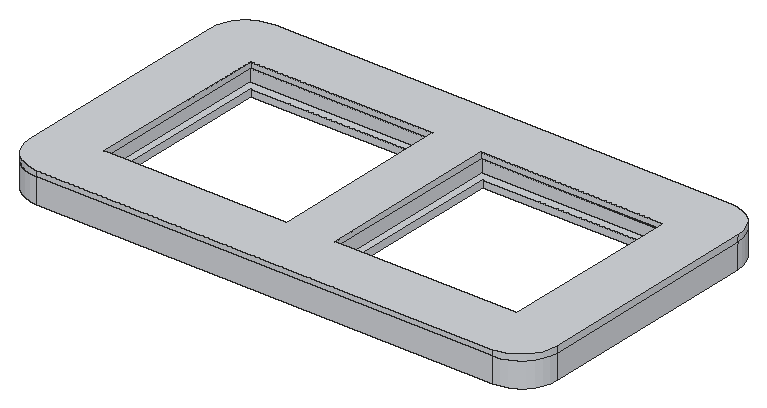
Revit family "Gira_0212412", category Electrical Fixtures, host Face, Revit 2017
Family settings
  Host = Face
  Maintain Annotation Orientation = No
  Round Connector Dimension = Use Diameter
  Part Type = Normal
  Cut with Voids When Loaded = No
  Shared = No
  Room Calculation Point = No
Parameters (values of type "Cov.fr. 2-g Gira E3 grey/p.white")
  URL = "http://katalog.gira.de/en/datenblatt.html?artikelnr=0212412"
  Transparent = "No"
  Name = "Cov.fr. 2-g Gira E3 grey/p.white"
  Manufacturer URL = "https://www.gira.de/"
  Manufacturer = "Gira"
  Keynote = ""
  HeinzeBIM = "https://bimportal.heinze.de/bim/cov-fr-2-g-gira-e3-grey-p-white/b977a648bf67bcb3da162f40bb14c65ba7941ad5"
  HAN = "0212412"
  GTIN = "4010337023906"
  Description = "Cov.fr.2g E3 GyPw,Gira E3 cover frame,grey soft touch with pure white glossy intermediate frame,2-gang,Features:,- Shatter-proof.,,Notes :,- Soft-touch surface,- NCS value: approx. NCS S 3500-N"
  Default Elevation = 1219.2 mm
  Data sheet (1) = "https://katalog.gira.de/en/download.html?artikelnr=0212412"
  Category = "Cover frame for domestic switching devices"
  BIM (1) = "https://media.stage.bim.site/public/gira/36a6b08/E3_Rahmen_2fach.rfa"
  Available = "No"
Reference planes
  plane 1 "Center (Front/Back)": y = 0
  plane 2: z = 0
  plane 3 "Center (Left/Right)": x = 0
Forms (mm)
  Extrusion 1, solid, detail levels fine
    sketch origin (0, 0, 0) x (1, 0, 0) y (0, 1, 0)
      loop
        arc (-70.35, 45.809) -> (-78.134, 42.585) -> (-81.359, 34.8) r 11.009
        line (-81.359, 34.8) -> (-81.359, -34.8)
        arc (-81.359, -34.8) -> (-78.134, -42.585) -> (-70.35, -45.809) r 11.009
        line (-70.35, -45.809) -> (70.35, -45.809)
        arc (70.35, -45.809) -> (78.135, -42.585) -> (81.359, -34.8) r 11.009
        line (81.359, -34.8) -> (81.359, 34.8)
        arc (81.359, 34.8) -> (78.135, 42.585) -> (70.35, 45.809) r 11.009
        line (70.35, 45.809) -> (-70.35, 45.809)
      loop
        line (-7.45, 28.187) -> (-63.706, 28.187) -> (-63.706, -28.187) -> (-7.45, -28.187) -> (-7.45, 28.187)
      loop
        line (7.45, 28.187) -> (7.45, -28.187) -> (63.706, -28.187) -> (63.706, 28.187) -> (7.45, 28.187)
    from 7.65 to 9.5
  Extrusion 2, solid, detail levels fine
    sketch origin (-35.75, 0, 0) x (1, 0, 0) y (0, 1, 0)
      loop
        line (25.7, 25.7) -> (-25.7, 25.7) -> (-25.7, -25.7) -> (25.7, -25.7) -> (25.7, 25.7)
      loop
        line (-28.187, -28.156) -> (28.187, -28.156) -> (28.187, 28.156) -> (-28.187, 28.156) -> (-28.187, -28.156)
    from 1.65 to 3.9
  Extrusion 3, solid, detail levels fine
    sketch origin (0, 0, 0) x (1, 0, 0) y (0, 1, 0)
      loop
        arc (-70.35, 45.809) -> (-78.134, 42.585) -> (-81.359, 34.8) r 11.009
        line (-81.359, 34.8) -> (-81.359, -34.8)
        arc (-81.359, -34.8) -> (-78.134, -42.585) -> (-70.35, -45.809) r 11.009
        line (-70.35, -45.809) -> (70.35, -45.809)
        arc (70.35, -45.809) -> (78.135, -42.585) -> (81.359, -34.8) r 11.009
        line (81.359, -34.8) -> (81.359, 34.8)
        arc (81.359, 34.8) -> (78.135, 42.585) -> (70.35, 45.809) r 11.009
        line (70.35, 45.809) -> (-70.35, 45.809)
      loop
        line (-79.393, 34.785) -> (-79.393, -34.785)
        arc (-79.393, -34.785) -> (-76.739, -41.19) -> (-70.334, -43.843) r 9.058
        line (-70.334, -43.843) -> (70.335, -43.843)
        arc (70.335, -43.843) -> (76.74, -41.19) -> (79.393, -34.785) r 9.058
        line (79.393, -34.785) -> (79.393, 34.785)
        arc (79.393, 34.785) -> (76.74, 41.19) -> (70.335, 43.843) r 9.058
        line (70.335, 43.843) -> (-70.334, 43.843)
        arc (-70.334, 43.843) -> (-76.739, 41.19) -> (-79.393, 34.785) r 9.058
    from 0 to 7.65
  Extrusion 4, solid, detail levels fine
    sketch origin (0, 0, 0) x (1, 0, 0) y (0, 1, 0)
      loop
        line (-62.956, -31.075) -> (62.956, -31.075)
        arc (62.956, -31.075) -> (65.599, -29.98) -> (66.694, -27.337) r 3.739
        line (66.694, -27.337) -> (66.694, 27.337)
        arc (66.694, 27.337) -> (65.599, 29.98) -> (62.956, 31.075) r 3.739
        line (62.956, 31.075) -> (-62.956, 31.075)
        arc (-62.956, 31.075) -> (-65.599, 29.98) -> (-66.694, 27.337) r 3.739
        line (-66.694, 27.337) -> (-66.694, -27.337)
        arc (-66.694, -27.337) -> (-65.599, -29.98) -> (-62.956, -31.075) r 3.739
      loop
        line (-65.544, 27.537) -> (-65.544, -27.537)
        arc (-65.544, -27.537) -> (-64.845, -29.226) -> (-63.156, -29.925) r 2.389
        line (-63.156, -29.925) -> (63.156, -29.925)
        arc (63.156, -29.925) -> (64.845, -29.226) -> (65.544, -27.537) r 2.389
        line (65.544, -27.537) -> (65.544, 27.537)
        arc (65.544, 27.537) -> (64.845, 29.226) -> (63.156, 29.925) r 2.389
        line (63.156, 29.925) -> (-63.156, 29.925)
        arc (-63.156, 29.925) -> (-64.845, 29.226) -> (-65.544, 27.537) r 2.389
    from 1.65 to 7.65
  Extrusion 5, solid, detail levels fine
    sketch origin (0, 0, 0) x (1, 0, 0) y (0, 1, 0)
      loop
        line (-67.617, -39.8) -> (67.617, -39.8)
        arc (67.617, -39.8) -> (73.232, -36.708) -> (75.464, -30.7) r 9.2
        line (75.464, -30.7) -> (75.464, 30.7)
        arc (75.464, 30.7) -> (72.77, 37.205) -> (66.264, 39.9) r 9.2
        line (66.264, 39.9) -> (-66.264, 39.9)
        arc (-66.264, 39.9) -> (-72.77, 37.205) -> (-75.464, 30.7) r 9.2
        line (-75.464, 30.7) -> (-75.464, -30.7)
        arc (-75.464, -30.7) -> (-73.232, -36.708) -> (-67.617, -39.8) r 9.2
      loop
        line (-66.264, -31.7) -> (66.264, -31.7)
        arc (66.264, -31.7) -> (66.972, -31.407) -> (67.264, -30.7) r 1
        line (67.264, -30.7) -> (67.264, 30.7)
        arc (67.264, 30.7) -> (66.972, 31.407) -> (66.264, 31.7) r 1
        line (66.264, 31.7) -> (-66.264, 31.7)
        arc (-66.264, 31.7) -> (-66.972, 31.407) -> (-67.264, 30.7) r 1
        line (-67.264, 30.7) -> (-67.264, -30.7)
        arc (-67.264, -30.7) -> (-66.972, -31.407) -> (-66.264, -31.7) r 1
    from 1.65 to 3.9
  Extrusion 6, solid, detail levels fine
    sketch origin (-35.75, 0, 0) x (1, 0, 0) y (0, 1, 0)
      loop
        line (-28.187, 28.156) -> (-28.187, -28.156) -> (28.187, -28.156) -> (28.187, 28.156) -> (-28.187, 28.156)
      loop
        line (-29.925, 29.925) -> (-29.925, -29.925) -> (29.925, -29.925) -> (29.925, 29.925) -> (-29.925, 29.925)
    from 1.65 to 7.65
  Extrusion 7, solid, detail levels coarse+medium
    sketch origin (0, 0, 0) x (1, 0, 0) y (0, 1, 0)
      loop
        line (-81.359, 45.809) -> (-81.359, -45.809) -> (81.359, -45.809) -> (81.359, 45.809) -> (-81.359, 45.809)
    from 0 to 9.5
  Extrusion 8, solid, detail levels fine
    sketch origin (35.75, 0, 0) x (-1, 0, 0) y (0, -1, 0)
      loop
        line (25.7, -25.7) -> (25.7, 25.7) -> (-25.7, 25.7) -> (-25.7, -25.7) -> (25.7, -25.7)
      loop
        line (-28.187, 28.156) -> (-28.187, -28.156) -> (28.187, -28.156) -> (28.187, 28.156) -> (-28.187, 28.156)
    from 1.65 to 3.9
  Extrusion 9, solid, detail levels fine
    sketch origin (35.75, 0, 0) x (-1, 0, 0) y (0, -1, 0)
      loop
        line (-28.187, -28.156) -> (28.187, -28.156) -> (28.187, 28.156) -> (-28.187, 28.156) -> (-28.187, -28.156)
      loop
        line (-29.925, -29.925) -> (29.925, -29.925) -> (29.925, 29.925) -> (-29.925, 29.925) -> (-29.925, -29.925)
    from 1.65 to 7.65
Dimensions and locks
  aligned and locked: plane 2 to host face
  aligned and locked: level to host face
